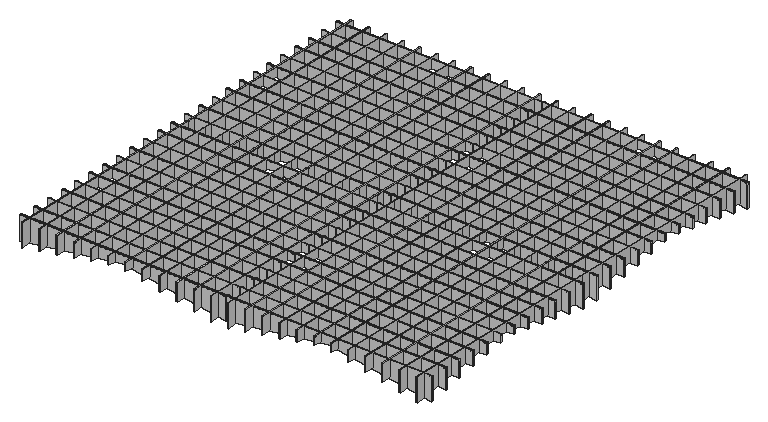
Revit family "CLD-WFL-003_RFA", category Modelos genéricos, Revit 2022 (continued)
Forms (in)
  Extrusion 223, solid
    sketch origin (76.14567, 216, 0) x (0, -1, 0) y (0, 0, 1)
      loop
        line (108, 11.82144) -> (0, 11.82144) -> (0, 4.62144) -> (54, 3.02144) -> (108, 4.62144) -> (108, 11.82144)
    from -0.11811 to 0
  Extrusion 224, solid
    sketch origin (76.61811, 216, 0) x (0, -1, 0) y (0, 0, 1)
      loop
        line (108, 11.82144) -> (0, 11.82144) -> (0, 4.62144) -> (54, 3.02144) -> (108, 4.62144) -> (108, 11.82144)
    from -0.11811 to 0.35433
  Extrusion 225, solid
    sketch origin (76.73622, 216, 0) x (0, -1, 0) y (0, 0, 1)
      loop
        line (108, 11.82144) -> (0, 11.82144) -> (0, 4.62144) -> (54, 3.02144) -> (108, 4.62144) -> (108, 11.82144)
    from -0.11811 to 0
  Extrusion 226, solid
    sketch origin (85.14567, 216, 0) x (0, -1, 0) y (0, 0, 1)
      loop
        line (108, 11.82144) -> (0, 11.82144) -> (0, 3.02144) -> (54, 4.62144) -> (108, 3.02144) -> (108, 11.82144)
    from -0.11811 to 0
  Extrusion 227, solid
    sketch origin (85.61811, 216, 0) x (0, -1, 0) y (0, 0, 1)
      loop
        line (108, 11.82144) -> (0, 11.82144) -> (0, 3.02144) -> (54, 4.62144) -> (108, 3.02144) -> (108, 11.82144)
    from -0.11811 to 0.35433
  Extrusion 228, solid
    sketch origin (85.73622, 216, 0) x (0, -1, 0) y (0, 0, 1)
      loop
        line (108, 11.82144) -> (0, 11.82144) -> (0, 3.02144) -> (54, 4.62144) -> (108, 3.02144) -> (108, 11.82144)
    from -0.11811 to 0
  Extrusion 229, solid
    sketch origin (94.14567, 216, 0) x (0, -1, 0) y (0, 0, 1)
      loop
        line (108, 11.82144) -> (0, 11.82144) -> (0, 1.42144) -> (54, 6.22144) -> (108, 1.42144) -> (108, 11.82144)
    from -0.11811 to 0
  Extrusion 230, solid
    sketch origin (94.61811, 216, 0) x (0, -1, 0) y (0, 0, 1)
      loop
        line (108, 11.82144) -> (0, 11.82144) -> (0, 1.42144) -> (54, 6.22144) -> (108, 1.42144) -> (108, 11.82144)
    from -0.11811 to 0.35433
  Extrusion 231, solid
    sketch origin (94.73622, 216, 0) x (0, -1, 0) y (0, 0, 1)
      loop
        line (108, 11.82144) -> (0, 11.82144) -> (0, 1.42144) -> (54, 6.22144) -> (108, 1.42144) -> (108, 11.82144)
    from -0.11811 to 0
  Extrusion 232, solid
    sketch origin (103.14567, 216, 0) x (0, -1, 0) y (0, 0, 1)
      loop
        line (108, 11.82144) -> (0, 11.82144) -> (0, -0.17856) -> (54, 7.82144) -> (108, -0.17856) -> (108, 11.82144)
    from -0.11811 to 0
  Extrusion 233, solid
    sketch origin (103.61811, 216, 0) x (0, -1, 0) y (0, 0, 1)
      loop
        line (108, 11.82144) -> (0, 11.82144) -> (0, -0.17856) -> (54, 7.82144) -> (108, -0.17856) -> (108, 11.82144)
    from -0.11811 to 0.35433
  Extrusion 234, solid
    sketch origin (103.73622, 216, 0) x (0, -1, 0) y (0, 0, 1)
      loop
        line (108, 11.82144) -> (0, 11.82144) -> (0, -0.17856) -> (54, 7.82144) -> (108, -0.17856) -> (108, 11.82144)
    from -0.11811 to 0
  Extrusion 235, solid
    sketch origin (108, 211.85433, 0) x (-1, 0, 0) y (0, 0, 1)
      loop
        line (108, 11.82144) -> (0, 11.82144) -> (0, -0.17856) -> (54, 7.82144) -> (108, -0.17856) -> (108, 11.82144)
    from -0.11811 to 0
  Extrusion 236, solid
    sketch origin (108, 211.38189, 0) x (-1, 0, 0) y (0, 0, 1)
      loop
        line (108, 11.82144) -> (0, 11.82144) -> (0, -0.17856) -> (54, 7.82144) -> (108, -0.17856) -> (108, 11.82144)
    from -0.11811 to 0.35433
  Extrusion 237, solid
    sketch origin (108, 211.26378, 0) x (-1, 0, 0) y (0, 0, 1)
      loop
        line (108, 11.82144) -> (0, 11.82144) -> (0, -0.17856) -> (54, 7.82144) -> (108, -0.17856) -> (108, 11.82144)
    from -0.11811 to 0
  Extrusion 238, solid
    sketch origin (108, 202.85433, 0) x (-1, 0, 0) y (0, 0, 1)
      loop
        line (108, 11.82144) -> (0, 11.82144) -> (0, 1.42144) -> (54, 6.22144) -> (108, 1.42144) -> (108, 11.82144)
    from -0.11811 to 0
  Extrusion 239, solid
    sketch origin (108, 202.38189, 0) x (-1, 0, 0) y (0, 0, 1)
      loop
        line (108, 11.82144) -> (0, 11.82144) -> (0, 1.42144) -> (54, 6.22144) -> (108, 1.42144) -> (108, 11.82144)
    from -0.11811 to 0.35433
  Extrusion 240, solid
    sketch origin (108, 202.26378, 0) x (-1, 0, 0) y (0, 0, 1)
      loop
        line (108, 11.82144) -> (0, 11.82144) -> (0, 1.42144) -> (54, 6.22144) -> (108, 1.42144) -> (108, 11.82144)
    from -0.11811 to 0
  Extrusion 241, solid
    sketch origin (108, 193.85433, 0) x (-1, 0, 0) y (0, 0, 1)
      loop
        line (108, 11.82144) -> (0, 11.82144) -> (0, 3.02144) -> (54, 4.62144) -> (108, 3.02144) -> (108, 11.82144)
    from -0.11811 to 0
  Extrusion 242, solid
    sketch origin (108, 193.38189, 0) x (-1, 0, 0) y (0, 0, 1)
      loop
        line (108, 11.82144) -> (0, 11.82144) -> (0, 3.02144) -> (54, 4.62144) -> (108, 3.02144) -> (108, 11.82144)
    from -0.11811 to 0.35433
  Extrusion 243, solid
    sketch origin (108, 193.26378, 0) x (-1, 0, 0) y (0, 0, 1)
      loop
        line (108, 11.82144) -> (0, 11.82144) -> (0, 3.02144) -> (54, 4.62144) -> (108, 3.02144) -> (108, 11.82144)
    from -0.11811 to 0
  Extrusion 244, solid
    sketch origin (108, 184.85433, 0) x (-1, 0, 0) y (0, 0, 1)
      loop
        line (108, 11.82144) -> (0, 11.82144) -> (0, 4.62144) -> (54, 3.02144) -> (108, 4.62144) -> (108, 11.82144)
    from -0.11811 to 0
  Extrusion 245, solid
    sketch origin (108, 184.38189, 0) x (-1, 0, 0) y (0, 0, 1)
      loop
        line (108, 11.82144) -> (0, 11.82144) -> (0, 4.62144) -> (54, 3.02144) -> (108, 4.62144) -> (108, 11.82144)
    from -0.11811 to 0.35433
  Extrusion 246, solid
    sketch origin (108, 184.26378, 0) x (-1, 0, 0) y (0, 0, 1)
      loop
        line (108, 11.82144) -> (0, 11.82144) -> (0, 4.62144) -> (54, 3.02144) -> (108, 4.62144) -> (108, 11.82144)
    from -0.11811 to 0
  Extrusion 247, solid
    sketch origin (108, 175.85433, 0) x (-1, 0, 0) y (0, 0, 1)
      loop
        line (108, 11.82144) -> (0, 11.82144) -> (0, 6.22144) -> (54, 1.42144) -> (108, 6.22144) -> (108, 11.82144)
    from -0.11811 to 0
  Extrusion 248, solid
    sketch origin (108, 175.38189, 0) x (-1, 0, 0) y (0, 0, 1)
      loop
        line (108, 11.82144) -> (0, 11.82144) -> (0, 6.22144) -> (54, 1.42144) -> (108, 6.22144) -> (108, 11.82144)
    from -0.11811 to 0.35433
  Extrusion 249, solid
    sketch origin (108, 175.26378, 0) x (-1, 0, 0) y (0, 0, 1)
      loop
        line (108, 11.82144) -> (0, 11.82144) -> (0, 6.22144) -> (54, 1.42144) -> (108, 6.22144) -> (108, 11.82144)
    from -0.11811 to 0
  Extrusion 250, solid
    sketch origin (108, 166.85433, 0) x (-1, 0, 0) y (0, 0, 1)
      loop
        line (108, 11.82144) -> (0, 11.82144) -> (0, 7.82144) -> (54, -0.17856) -> (108, 7.82144) -> (108, 11.82144)
    from -0.11811 to 0
  Extrusion 251, solid
    sketch origin (108, 166.38189, 0) x (-1, 0, 0) y (0, 0, 1)
      loop
        line (108, 11.82144) -> (0, 11.82144) -> (0, 7.82144) -> (54, -0.17856) -> (108, 7.82144) -> (108, 11.82144)
    from -0.11811 to 0.35433
  Extrusion 252, solid
    sketch origin (108, 166.26378, 0) x (-1, 0, 0) y (0, 0, 1)
      loop
        line (108, 11.82144) -> (0, 11.82144) -> (0, 7.82144) -> (54, -0.17856) -> (108, 7.82144) -> (108, 11.82144)
    from -0.11811 to 0
  Extrusion 253, solid
    sketch origin (108, 157.85433, 0) x (-1, 0, 0) y (0, 0, 1)
      loop
        line (108, 11.82144) -> (0, 11.82144) -> (0, 7.82144) -> (54, -0.17856) -> (108, 7.82144) -> (108, 11.82144)
    from -0.11811 to 0
  Extrusion 254, solid
    sketch origin (108, 157.38189, 0) x (-1, 0, 0) y (0, 0, 1)
      loop
        line (108, 11.82144) -> (0, 11.82144) -> (0, 7.82144) -> (54, -0.17856) -> (108, 7.82144) -> (108, 11.82144)
    from -0.11811 to 0.35433
  Extrusion 255, solid
    sketch origin (108, 157.26378, 0) x (-1, 0, 0) y (0, 0, 1)
      loop
        line (108, 11.82144) -> (0, 11.82144) -> (0, 7.82144) -> (54, -0.17856) -> (108, 7.82144) -> (108, 11.82144)
    from -0.11811 to 0
  Extrusion 256, solid
    sketch origin (108, 148.85433, 0) x (-1, 0, 0) y (0, 0, 1)
      loop
        line (108, 11.82144) -> (0, 11.82144) -> (0, 6.22144) -> (54, 1.42144) -> (108, 6.22144) -> (108, 11.82144)
    from -0.11811 to 0
  Extrusion 257, solid
    sketch origin (108, 148.38189, 0) x (-1, 0, 0) y (0, 0, 1)
      loop
        line (108, 11.82144) -> (0, 11.82144) -> (0, 6.22144) -> (54, 1.42144) -> (108, 6.22144) -> (108, 11.82144)
    from -0.11811 to 0.35433
  Extrusion 258, solid
    sketch origin (108, 148.26378, 0) x (-1, 0, 0) y (0, 0, 1)
      loop
        line (108, 11.82144) -> (0, 11.82144) -> (0, 6.22144) -> (54, 1.42144) -> (108, 6.22144) -> (108, 11.82144)
    from -0.11811 to 0
  Extrusion 259, solid
    sketch origin (108, 139.85433, 0) x (-1, 0, 0) y (0, 0, 1)
      loop
        line (108, 11.82144) -> (0, 11.82144) -> (0, 4.62144) -> (54, 3.02144) -> (108, 4.62144) -> (108, 11.82144)
    from -0.11811 to 0
  Extrusion 260, solid
    sketch origin (108, 139.38189, 0) x (-1, 0, 0) y (0, 0, 1)
      loop
        line (108, 11.82144) -> (0, 11.82144) -> (0, 4.62144) -> (54, 3.02144) -> (108, 4.62144) -> (108, 11.82144)
    from -0.11811 to 0.35433
  Extrusion 261, solid
    sketch origin (108, 139.26378, 0) x (-1, 0, 0) y (0, 0, 1)
      loop
        line (108, 11.82144) -> (0, 11.82144) -> (0, 4.62144) -> (54, 3.02144) -> (108, 4.62144) -> (108, 11.82144)
    from -0.11811 to 0
  Extrusion 262, solid
    sketch origin (108, 130.85433, 0) x (-1, 0, 0) y (0, 0, 1)
      loop
        line (108, 11.82144) -> (0, 11.82144) -> (0, 3.02144) -> (54, 4.62144) -> (108, 3.02144) -> (108, 11.82144)
    from -0.11811 to 0
  Extrusion 263, solid
    sketch origin (108, 130.38189, 0) x (-1, 0, 0) y (0, 0, 1)
      loop
        line (108, 11.82144) -> (0, 11.82144) -> (0, 3.02144) -> (54, 4.62144) -> (108, 3.02144) -> (108, 11.82144)
    from -0.11811 to 0.35433
  Extrusion 264, solid
    sketch origin (108, 130.26378, 0) x (-1, 0, 0) y (0, 0, 1)
      loop
        line (108, 11.82144) -> (0, 11.82144) -> (0, 3.02144) -> (54, 4.62144) -> (108, 3.02144) -> (108, 11.82144)
    from -0.11811 to 0
  Extrusion 265, solid
    sketch origin (108, 121.85433, 0) x (-1, 0, 0) y (0, 0, 1)
      loop
        line (108, 11.82144) -> (0, 11.82144) -> (0, 1.42144) -> (54, 6.22144) -> (108, 1.42144) -> (108, 11.82144)
    from -0.11811 to 0
  Extrusion 266, solid
    sketch origin (108, 121.38189, 0) x (-1, 0, 0) y (0, 0, 1)
      loop
        line (108, 11.82144) -> (0, 11.82144) -> (0, 1.42144) -> (54, 6.22144) -> (108, 1.42144) -> (108, 11.82144)
    from -0.11811 to 0.35433
  Extrusion 267, solid
    sketch origin (108, 121.26378, 0) x (-1, 0, 0) y (0, 0, 1)
      loop
        line (108, 11.82144) -> (0, 11.82144) -> (0, 1.42144) -> (54, 6.22144) -> (108, 1.42144) -> (108, 11.82144)
    from -0.11811 to 0
  Extrusion 268, solid
    sketch origin (108, 112.85433, 0) x (-1, 0, 0) y (0, 0, 1)
      loop
        line (108, 11.82144) -> (0, 11.82144) -> (0, -0.17856) -> (54, 7.82144) -> (108, -0.17856) -> (108, 11.82144)
    from -0.11811 to 0
  Extrusion 269, solid
    sketch origin (108, 112.38189, 0) x (-1, 0, 0) y (0, 0, 1)
      loop
        line (108, 11.82144) -> (0, 11.82144) -> (0, -0.17856) -> (54, 7.82144) -> (108, -0.17856) -> (108, 11.82144)
    from -0.11811 to 0.35433
  Extrusion 270, solid
    sketch origin (108, 112.26378, 0) x (-1, 0, 0) y (0, 0, 1)
      loop
        line (108, 11.82144) -> (0, 11.82144) -> (0, -0.17856) -> (54, 7.82144) -> (108, -0.17856) -> (108, 11.82144)
    from -0.11811 to 0
  Extrusion 271, solid
    sketch origin (112.14567, 108, 0) x (0, -1, 0) y (0, 0, 1)
      loop
        line (108, 11.82144) -> (0, 11.82144) -> (0, -0.17856) -> (54, 7.82144) -> (108, -0.17856) -> (108, 11.82144)
    from -0.11811 to 0
  Extrusion 272, solid
    sketch origin (112.61811, 108, 0) x (0, -1, 0) y (0, 0, 1)
      loop
        line (108, 11.82144) -> (0, 11.82144) -> (0, -0.17856) -> (54, 7.82144) -> (108, -0.17856) -> (108, 11.82144)
    from -0.11811 to 0.35433
  Extrusion 273, solid
    sketch origin (112.73622, 108, 0) x (0, -1, 0) y (0, 0, 1)
      loop
        line (108, 11.82144) -> (0, 11.82144) -> (0, -0.17856) -> (54, 7.82144) -> (108, -0.17856) -> (108, 11.82144)
    from -0.11811 to 0
  Extrusion 274, solid
    sketch origin (121.14567, 108, 0) x (0, -1, 0) y (0, 0, 1)
      loop
        line (108, 11.82144) -> (0, 11.82144) -> (0, 1.42144) -> (54, 6.22144) -> (108, 1.42144) -> (108, 11.82144)
    from -0.11811 to 0
  Extrusion 275, solid
    sketch origin (121.61811, 108, 0) x (0, -1, 0) y (0, 0, 1)
      loop
        line (108, 11.82144) -> (0, 11.82144) -> (0, 1.42144) -> (54, 6.22144) -> (108, 1.42144) -> (108, 11.82144)
    from -0.11811 to 0.35433
  Extrusion 276, solid
    sketch origin (121.73622, 108, 0) x (0, -1, 0) y (0, 0, 1)
      loop
        line (108, 11.82144) -> (0, 11.82144) -> (0, 1.42144) -> (54, 6.22144) -> (108, 1.42144) -> (108, 11.82144)
    from -0.11811 to 0
  Extrusion 277, solid
    sketch origin (130.14567, 108, 0) x (0, -1, 0) y (0, 0, 1)
      loop
        line (108, 11.82144) -> (0, 11.82144) -> (0, 3.02144) -> (54, 4.62144) -> (108, 3.02144) -> (108, 11.82144)
    from -0.11811 to 0
  Extrusion 278, solid
    sketch origin (130.61811, 108, 0) x (0, -1, 0) y (0, 0, 1)
      loop
        line (108, 11.82144) -> (0, 11.82144) -> (0, 3.02144) -> (54, 4.62144) -> (108, 3.02144) -> (108, 11.82144)
    from -0.11811 to 0.35433
  Extrusion 279, solid
    sketch origin (130.73622, 108, 0) x (0, -1, 0) y (0, 0, 1)
      loop
        line (108, 11.82144) -> (0, 11.82144) -> (0, 3.02144) -> (54, 4.62144) -> (108, 3.02144) -> (108, 11.82144)
    from -0.11811 to 0
  Extrusion 280, solid
    sketch origin (139.14567, 108, 0) x (0, -1, 0) y (0, 0, 1)
      loop
        line (108, 11.82144) -> (0, 11.82144) -> (0, 4.62144) -> (54, 3.02144) -> (108, 4.62144) -> (108, 11.82144)
    from -0.11811 to 0
  Extrusion 281, solid
    sketch origin (139.61811, 108, 0) x (0, -1, 0) y (0, 0, 1)
      loop
        line (108, 11.82144) -> (0, 11.82144) -> (0, 4.62144) -> (54, 3.02144) -> (108, 4.62144) -> (108, 11.82144)
    from -0.11811 to 0.35433
  Extrusion 282, solid
    sketch origin (139.73622, 108, 0) x (0, -1, 0) y (0, 0, 1)
      loop
        line (108, 11.82144) -> (0, 11.82144) -> (0, 4.62144) -> (54, 3.02144) -> (108, 4.62144) -> (108, 11.82144)
    from -0.11811 to 0
  Extrusion 283, solid
    sketch origin (148.14567, 108, 0) x (0, -1, 0) y (0, 0, 1)
      loop
        line (108, 11.82144) -> (0, 11.82144) -> (0, 6.22144) -> (54, 1.42144) -> (108, 6.22144) -> (108, 11.82144)
    from -0.11811 to 0
  Extrusion 284, solid
    sketch origin (148.61811, 108, 0) x (0, -1, 0) y (0, 0, 1)
      loop
        line (108, 11.82144) -> (0, 11.82144) -> (0, 6.22144) -> (54, 1.42144) -> (108, 6.22144) -> (108, 11.82144)
    from -0.11811 to 0.35433
  Extrusion 285, solid
    sketch origin (148.73622, 108, 0) x (0, -1, 0) y (0, 0, 1)
      loop
        line (108, 11.82144) -> (0, 11.82144) -> (0, 6.22144) -> (54, 1.42144) -> (108, 6.22144) -> (108, 11.82144)
    from -0.11811 to 0
  Extrusion 286, solid
    sketch origin (157.14567, 108, 0) x (0, -1, 0) y (0, 0, 1)
      loop
        line (108, 11.82144) -> (0, 11.82144) -> (0, 7.82144) -> (54, -0.17856) -> (108, 7.82144) -> (108, 11.82144)
    from -0.11811 to 0
  Extrusion 287, solid
    sketch origin (157.61811, 108, 0) x (0, -1, 0) y (0, 0, 1)
      loop
        line (108, 11.82144) -> (0, 11.82144) -> (0, 7.82144) -> (54, -0.17856) -> (108, 7.82144) -> (108, 11.82144)
    from -0.11811 to 0.35433
  Extrusion 288, solid
    sketch origin (157.73622, 108, 0) x (0, -1, 0) y (0, 0, 1)
      loop
        line (108, 11.82144) -> (0, 11.82144) -> (0, 7.82144) -> (54, -0.17856) -> (108, 7.82144) -> (108, 11.82144)
    from -0.11811 to 0
  Extrusion 289, solid
    sketch origin (166.14567, 108, 0) x (0, -1, 0) y (0, 0, 1)
      loop
        line (108, 11.82144) -> (0, 11.82144) -> (0, 7.82144) -> (54, -0.17856) -> (108, 7.82144) -> (108, 11.82144)
    from -0.11811 to 0
  Extrusion 290, solid
    sketch origin (166.61811, 108, 0) x (0, -1, 0) y (0, 0, 1)
      loop
        line (108, 11.82144) -> (0, 11.82144) -> (0, 7.82144) -> (54, -0.17856) -> (108, 7.82144) -> (108, 11.82144)
    from -0.11811 to 0.35433
  Extrusion 291, solid
    sketch origin (166.73622, 108, 0) x (0, -1, 0) y (0, 0, 1)
      loop
        line (108, 11.82144) -> (0, 11.82144) -> (0, 7.82144) -> (54, -0.17856) -> (108, 7.82144) -> (108, 11.82144)
    from -0.11811 to 0
  Extrusion 292, solid
    sketch origin (175.14567, 108, 0) x (0, -1, 0) y (0, 0, 1)
      loop
        line (108, 11.82144) -> (0, 11.82144) -> (0, 6.22144) -> (54, 1.42144) -> (108, 6.22144) -> (108, 11.82144)
    from -0.11811 to 0
  Extrusion 293, solid
    sketch origin (175.61811, 108, 0) x (0, -1, 0) y (0, 0, 1)
      loop
        line (108, 11.82144) -> (0, 11.82144) -> (0, 6.22144) -> (54, 1.42144) -> (108, 6.22144) -> (108, 11.82144)
    from -0.11811 to 0.35433
  Extrusion 294, solid
    sketch origin (175.73622, 108, 0) x (0, -1, 0) y (0, 0, 1)
      loop
        line (108, 11.82144) -> (0, 11.82144) -> (0, 6.22144) -> (54, 1.42144) -> (108, 6.22144) -> (108, 11.82144)
    from -0.11811 to 0
  Extrusion 295, solid
    sketch origin (184.14567, 108, 0) x (0, -1, 0) y (0, 0, 1)
      loop
        line (108, 11.82144) -> (0, 11.82144) -> (0, 4.62144) -> (54, 3.02144) -> (108, 4.62144) -> (108, 11.82144)
    from -0.11811 to 0
  Extrusion 296, solid
    sketch origin (184.61811, 108, 0) x (0, -1, 0) y (0, 0, 1)
      loop
        line (108, 11.82144) -> (0, 11.82144) -> (0, 4.62144) -> (54, 3.02144) -> (108, 4.62144) -> (108, 11.82144)
    from -0.11811 to 0.35433
  Extrusion 297, solid
    sketch origin (184.73622, 108, 0) x (0, -1, 0) y (0, 0, 1)
      loop
        line (108, 11.82144) -> (0, 11.82144) -> (0, 4.62144) -> (54, 3.02144) -> (108, 4.62144) -> (108, 11.82144)
    from -0.11811 to 0
  Extrusion 298, solid
    sketch origin (193.14567, 108, 0) x (0, -1, 0) y (0, 0, 1)
      loop
        line (108, 11.82144) -> (0, 11.82144) -> (0, 3.02144) -> (54, 4.62144) -> (108, 3.02144) -> (108, 11.82144)
    from -0.11811 to 0
  Extrusion 299, solid
    sketch origin (193.61811, 108, 0) x (0, -1, 0) y (0, 0, 1)
      loop
        line (108, 11.82144) -> (0, 11.82144) -> (0, 3.02144) -> (54, 4.62144) -> (108, 3.02144) -> (108, 11.82144)
    from -0.11811 to 0.35433
  Extrusion 300, solid
    sketch origin (193.73622, 108, 0) x (0, -1, 0) y (0, 0, 1)
      loop
        line (108, 11.82144) -> (0, 11.82144) -> (0, 3.02144) -> (54, 4.62144) -> (108, 3.02144) -> (108, 11.82144)
    from -0.11811 to 0
  Extrusion 301, solid
    sketch origin (202.14567, 108, 0) x (0, -1, 0) y (0, 0, 1)
      loop
        line (108, 11.82144) -> (0, 11.82144) -> (0, 1.42144) -> (54, 6.22144) -> (108, 1.42144) -> (108, 11.82144)
    from -0.11811 to 0
  Extrusion 302, solid
    sketch origin (202.61811, 108, 0) x (0, -1, 0) y (0, 0, 1)
      loop
        line (108, 11.82144) -> (0, 11.82144) -> (0, 1.42144) -> (54, 6.22144) -> (108, 1.42144) -> (108, 11.82144)
    from -0.11811 to 0.35433
  Extrusion 303, solid
    sketch origin (202.73622, 108, 0) x (0, -1, 0) y (0, 0, 1)
      loop
        line (108, 11.82144) -> (0, 11.82144) -> (0, 1.42144) -> (54, 6.22144) -> (108, 1.42144) -> (108, 11.82144)
    from -0.11811 to 0
  Extrusion 304, solid
    sketch origin (211.14567, 108, 0) x (0, -1, 0) y (0, 0, 1)
      loop
        line (108, 11.82144) -> (0, 11.82144) -> (0, -0.17856) -> (54, 7.82144) -> (108, -0.17856) -> (108, 11.82144)
    from -0.11811 to 0
  Extrusion 305, solid
    sketch origin (211.61811, 108, 0) x (0, -1, 0) y (0, 0, 1)
      loop
        line (108, 11.82144) -> (0, 11.82144) -> (0, -0.17856) -> (54, 7.82144) -> (108, -0.17856) -> (108, 11.82144)
    from -0.11811 to 0.35433
  Extrusion 306, solid
    sketch origin (211.73622, 108, 0) x (0, -1, 0) y (0, 0, 1)
      loop
        line (108, 11.82144) -> (0, 11.82144) -> (0, -0.17856) -> (54, 7.82144) -> (108, -0.17856) -> (108, 11.82144)
    from -0.11811 to 0
  Extrusion 307, solid
    sketch origin (216, 103.85433, 0) x (-1, 0, 0) y (0, 0, 1)
      loop
        line (108, 11.82144) -> (0, 11.82144) -> (0, -0.17856) -> (54, 7.82144) -> (108, -0.17856) -> (108, 11.82144)
    from -0.11811 to 0
  Extrusion 308, solid
    sketch origin (216, 103.38189, 0) x (-1, 0, 0) y (0, 0, 1)
      loop
        line (108, 11.82144) -> (0, 11.82144) -> (0, -0.17856) -> (54, 7.82144) -> (108, -0.17856) -> (108, 11.82144)
    from -0.11811 to 0.35433
  Extrusion 309, solid
    sketch origin (216, 103.26378, 0) x (-1, 0, 0) y (0, 0, 1)
      loop
        line (108, 11.82144) -> (0, 11.82144) -> (0, -0.17856) -> (54, 7.82144) -> (108, -0.17856) -> (108, 11.82144)
    from -0.11811 to 0
  Extrusion 310, solid
    sketch origin (216, 94.85433, 0) x (-1, 0, 0) y (0, 0, 1)
      loop
        line (108, 11.82144) -> (0, 11.82144) -> (0, 1.42144) -> (54, 6.22144) -> (108, 1.42144) -> (108, 11.82144)
    from -0.11811 to 0
  Extrusion 311, solid
    sketch origin (216, 94.38189, 0) x (-1, 0, 0) y (0, 0, 1)
      loop
        line (108, 11.82144) -> (0, 11.82144) -> (0, 1.42144) -> (54, 6.22144) -> (108, 1.42144) -> (108, 11.82144)
    from -0.11811 to 0.35433
  Extrusion 312, solid
    sketch origin (216, 94.26378, 0) x (-1, 0, 0) y (0, 0, 1)
      loop
        line (108, 11.82144) -> (0, 11.82144) -> (0, 1.42144) -> (54, 6.22144) -> (108, 1.42144) -> (108, 11.82144)
    from -0.11811 to 0
  Extrusion 313, solid
    sketch origin (216, 85.85433, 0) x (-1, 0, 0) y (0, 0, 1)
      loop
        line (108, 11.82144) -> (0, 11.82144) -> (0, 3.02144) -> (54, 4.62144) -> (108, 3.02144) -> (108, 11.82144)
    from -0.11811 to 0
  Extrusion 314, solid
    sketch origin (216, 85.38189, 0) x (-1, 0, 0) y (0, 0, 1)
      loop
        line (108, 11.82144) -> (0, 11.82144) -> (0, 3.02144) -> (54, 4.62144) -> (108, 3.02144) -> (108, 11.82144)
    from -0.11811 to 0.35433
  Extrusion 315, solid
    sketch origin (216, 85.26378, 0) x (-1, 0, 0) y (0, 0, 1)
      loop
        line (108, 11.82144) -> (0, 11.82144) -> (0, 3.02144) -> (54, 4.62144) -> (108, 3.02144) -> (108, 11.82144)
    from -0.11811 to 0
  Extrusion 316, solid
    sketch origin (216, 76.85433, 0) x (-1, 0, 0) y (0, 0, 1)
      loop
        line (108, 11.82144) -> (0, 11.82144) -> (0, 4.62144) -> (54, 3.02144) -> (108, 4.62144) -> (108, 11.82144)
    from -0.11811 to 0
  Extrusion 317, solid
    sketch origin (216, 76.38189, 0) x (-1, 0, 0) y (0, 0, 1)
      loop
        line (108, 11.82144) -> (0, 11.82144) -> (0, 4.62144) -> (54, 3.02144) -> (108, 4.62144) -> (108, 11.82144)
    from -0.11811 to 0.35433
  Extrusion 318, solid
    sketch origin (216, 76.26378, 0) x (-1, 0, 0) y (0, 0, 1)
      loop
        line (108, 11.82144) -> (0, 11.82144) -> (0, 4.62144) -> (54, 3.02144) -> (108, 4.62144) -> (108, 11.82144)
    from -0.11811 to 0
  Extrusion 319, solid
    sketch origin (216, 67.85433, 0) x (-1, 0, 0) y (0, 0, 1)
      loop
        line (108, 11.82144) -> (0, 11.82144) -> (0, 6.22144) -> (54, 1.42144) -> (108, 6.22144) -> (108, 11.82144)
    from -0.11811 to 0
  Extrusion 320, solid
    sketch origin (216, 67.38189, 0) x (-1, 0, 0) y (0, 0, 1)
      loop
        line (108, 11.82144) -> (0, 11.82144) -> (0, 6.22144) -> (54, 1.42144) -> (108, 6.22144) -> (108, 11.82144)
    from -0.11811 to 0.35433
  Extrusion 321, solid
    sketch origin (216, 67.26378, 0) x (-1, 0, 0) y (0, 0, 1)
      loop
        line (108, 11.82144) -> (0, 11.82144) -> (0, 6.22144) -> (54, 1.42144) -> (108, 6.22144) -> (108, 11.82144)
    from -0.11811 to 0
  Extrusion 322, solid
    sketch origin (216, 58.85433, 0) x (-1, 0, 0) y (0, 0, 1)
      loop
        line (108, 11.82144) -> (0, 11.82144) -> (0, 7.82144) -> (54, -0.17856) -> (108, 7.82144) -> (108, 11.82144)
    from -0.11811 to 0
  Extrusion 323, solid
    sketch origin (216, 58.38189, 0) x (-1, 0, 0) y (0, 0, 1)
      loop
        line (108, 11.82144) -> (0, 11.82144) -> (0, 7.82144) -> (54, -0.17856) -> (108, 7.82144) -> (108, 11.82144)
    from -0.11811 to 0.35433
  Extrusion 324, solid
    sketch origin (216, 58.26378, 0) x (-1, 0, 0) y (0, 0, 1)
      loop
        line (108, 11.82144) -> (0, 11.82144) -> (0, 7.82144) -> (54, -0.17856) -> (108, 7.82144) -> (108, 11.82144)
    from -0.11811 to 0
  Extrusion 325, solid
    sketch origin (216, 49.85433, 0) x (-1, 0, 0) y (0, 0, 1)
      loop
        line (108, 11.82144) -> (0, 11.82144) -> (0, 7.82144) -> (54, -0.17856) -> (108, 7.82144) -> (108, 11.82144)
    from -0.11811 to 0
  Extrusion 326, solid
    sketch origin (216, 49.38189, 0) x (-1, 0, 0) y (0, 0, 1)
      loop
        line (108, 11.82144) -> (0, 11.82144) -> (0, 7.82144) -> (54, -0.17856) -> (108, 7.82144) -> (108, 11.82144)
    from -0.11811 to 0.35433
  Extrusion 327, solid
    sketch origin (216, 49.26378, 0) x (-1, 0, 0) y (0, 0, 1)
      loop
        line (108, 11.82144) -> (0, 11.82144) -> (0, 7.82144) -> (54, -0.17856) -> (108, 7.82144) -> (108, 11.82144)
    from -0.11811 to 0
  Extrusion 328, solid
    sketch origin (216, 40.85433, 0) x (-1, 0, 0) y (0, 0, 1)
      loop
        line (108, 11.82144) -> (0, 11.82144) -> (0, 6.22144) -> (54, 1.42144) -> (108, 6.22144) -> (108, 11.82144)
    from -0.11811 to 0
  Extrusion 329, solid
    sketch origin (216, 40.38189, 0) x (-1, 0, 0) y (0, 0, 1)
      loop
        line (108, 11.82144) -> (0, 11.82144) -> (0, 6.22144) -> (54, 1.42144) -> (108, 6.22144) -> (108, 11.82144)
    from -0.11811 to 0.35433
  Extrusion 330, solid
    sketch origin (216, 40.26378, 0) x (-1, 0, 0) y (0, 0, 1)
      loop
        line (108, 11.82144) -> (0, 11.82144) -> (0, 6.22144) -> (54, 1.42144) -> (108, 6.22144) -> (108, 11.82144)
    from -0.11811 to 0
  Extrusion 331, solid
    sketch origin (216, 31.85433, 0) x (-1, 0, 0) y (0, 0, 1)
      loop
        line (108, 11.82144) -> (0, 11.82144) -> (0, 4.62144) -> (54, 3.02144) -> (108, 4.62144) -> (108, 11.82144)
    from -0.11811 to 0
  Extrusion 332, solid
    sketch origin (216, 31.38189, 0) x (-1, 0, 0) y (0, 0, 1)
      loop
        line (108, 11.82144) -> (0, 11.82144) -> (0, 4.62144) -> (54, 3.02144) -> (108, 4.62144) -> (108, 11.82144)
    from -0.11811 to 0.35433
  Extrusion 333, solid
    sketch origin (216, 31.26378, 0) x (-1, 0, 0) y (0, 0, 1)
      loop
        line (108, 11.82144) -> (0, 11.82144) -> (0, 4.62144) -> (54, 3.02144) -> (108, 4.62144) -> (108, 11.82144)
    from -0.11811 to 0
  Extrusion 334, solid
    sketch origin (216, 22.85433, 0) x (-1, 0, 0) y (0, 0, 1)
      loop
        line (108, 11.82144) -> (0, 11.82144) -> (0, 3.02144) -> (54, 4.62144) -> (108, 3.02144) -> (108, 11.82144)
    from -0.11811 to 0
  Extrusion 335, solid
    sketch origin (216, 22.38189, 0) x (-1, 0, 0) y (0, 0, 1)
      loop
        line (108, 11.82144) -> (0, 11.82144) -> (0, 3.02144) -> (54, 4.62144) -> (108, 3.02144) -> (108, 11.82144)
    from -0.11811 to 0.35433
  Extrusion 336, solid
    sketch origin (216, 22.26378, 0) x (-1, 0, 0) y (0, 0, 1)
      loop
        line (108, 11.82144) -> (0, 11.82144) -> (0, 3.02144) -> (54, 4.62144) -> (108, 3.02144) -> (108, 11.82144)
    from -0.11811 to 0
  Extrusion 337, solid
    sketch origin (216, 13.85433, 0) x (-1, 0, 0) y (0, 0, 1)
      loop
        line (108, 11.82144) -> (0, 11.82144) -> (0, 1.42144) -> (54, 6.22144) -> (108, 1.42144) -> (108, 11.82144)
    from -0.11811 to 0
  Extrusion 338, solid
    sketch origin (216, 13.38189, 0) x (-1, 0, 0) y (0, 0, 1)
      loop
        line (108, 11.82144) -> (0, 11.82144) -> (0, 1.42144) -> (54, 6.22144) -> (108, 1.42144) -> (108, 11.82144)
    from -0.11811 to 0.35433
  Extrusion 339, solid
    sketch origin (216, 13.26378, 0) x (-1, 0, 0) y (0, 0, 1)
      loop
        line (108, 11.82144) -> (0, 11.82144) -> (0, 1.42144) -> (54, 6.22144) -> (108, 1.42144) -> (108, 11.82144)
    from -0.11811 to 0
  Extrusion 340, solid
    sketch origin (216, 4.85433, 0) x (-1, 0, 0) y (0, 0, 1)
      loop
        line (108, 11.82144) -> (0, 11.82144) -> (0, -0.17856) -> (54, 7.82144) -> (108, -0.17856) -> (108, 11.82144)
    from -0.11811 to 0
  Extrusion 341, solid
    sketch origin (216, 4.38189, 0) x (-1, 0, 0) y (0, 0, 1)
      loop
        line (108, 11.82144) -> (0, 11.82144) -> (0, -0.17856) -> (54, 7.82144) -> (108, -0.17856) -> (108, 11.82144)
    from -0.11811 to 0.35433
  Extrusion 342, solid
    sketch origin (216, 4.26378, 0) x (-1, 0, 0) y (0, 0, 1)
      loop
        line (108, 11.82144) -> (0, 11.82144) -> (0, -0.17856) -> (54, 7.82144) -> (108, -0.17856) -> (108, 11.82144)
    from -0.11811 to 0
  Extrusion 343, solid
    sketch origin (112.14567, 216, 0) x (0, -1, 0) y (0, 0, 1)
      loop
        line (108, 11.82144) -> (0, 11.82144) -> (0, -0.17856) -> (54, 7.82144) -> (108, -0.17856) -> (108, 11.82144)
    from -0.11811 to 0
  Extrusion 344, solid
    sketch origin (112.61811, 216, 0) x (0, -1, 0) y (0, 0, 1)
      loop
        line (108, 11.82144) -> (0, 11.82144) -> (0, -0.17856) -> (54, 7.82144) -> (108, -0.17856) -> (108, 11.82144)
    from -0.11811 to 0.35433
  Extrusion 345, solid
    sketch origin (112.73622, 216, 0) x (0, -1, 0) y (0, 0, 1)
      loop
        line (108, 11.82144) -> (0, 11.82144) -> (0, -0.17856) -> (54, 7.82144) -> (108, -0.17856) -> (108, 11.82144)
    from -0.11811 to 0
  Extrusion 346, solid
    sketch origin (121.14567, 216, 0) x (0, -1, 0) y (0, 0, 1)
      loop
        line (108, 11.82144) -> (0, 11.82144) -> (0, 1.42144) -> (54, 6.22144) -> (108, 1.42144) -> (108, 11.82144)
    from -0.11811 to 0
  Extrusion 347, solid
    sketch origin (121.61811, 216, 0) x (0, -1, 0) y (0, 0, 1)
      loop
        line (108, 11.82144) -> (0, 11.82144) -> (0, 1.42144) -> (54, 6.22144) -> (108, 1.42144) -> (108, 11.82144)
    from -0.11811 to 0.35433
  Extrusion 348, solid
    sketch origin (121.73622, 216, 0) x (0, -1, 0) y (0, 0, 1)
      loop
        line (108, 11.82144) -> (0, 11.82144) -> (0, 1.42144) -> (54, 6.22144) -> (108, 1.42144) -> (108, 11.82144)
    from -0.11811 to 0
  Extrusion 349, solid
    sketch origin (130.14567, 216, 0) x (0, -1, 0) y (0, 0, 1)
      loop
        line (108, 11.82144) -> (0, 11.82144) -> (0, 3.02144) -> (54, 4.62144) -> (108, 3.02144) -> (108, 11.82144)
    from -0.11811 to 0
  Extrusion 350, solid
    sketch origin (130.61811, 216, 0) x (0, -1, 0) y (0, 0, 1)
      loop
        line (108, 11.82144) -> (0, 11.82144) -> (0, 3.02144) -> (54, 4.62144) -> (108, 3.02144) -> (108, 11.82144)
    from -0.11811 to 0.35433
  Extrusion 351, solid
    sketch origin (130.73622, 216, 0) x (0, -1, 0) y (0, 0, 1)
      loop
        line (108, 11.82144) -> (0, 11.82144) -> (0, 3.02144) -> (54, 4.62144) -> (108, 3.02144) -> (108, 11.82144)
    from -0.11811 to 0
  Extrusion 352, solid
    sketch origin (139.14567, 216, 0) x (0, -1, 0) y (0, 0, 1)
      loop
        line (108, 11.82144) -> (0, 11.82144) -> (0, 4.62144) -> (54, 3.02144) -> (108, 4.62144) -> (108, 11.82144)
    from -0.11811 to 0
  Extrusion 353, solid
    sketch origin (139.61811, 216, 0) x (0, -1, 0) y (0, 0, 1)
      loop
        line (108, 11.82144) -> (0, 11.82144) -> (0, 4.62144) -> (54, 3.02144) -> (108, 4.62144) -> (108, 11.82144)
    from -0.11811 to 0.35433
  Extrusion 354, solid
    sketch origin (139.73622, 216, 0) x (0, -1, 0) y (0, 0, 1)
      loop
        line (108, 11.82144) -> (0, 11.82144) -> (0, 4.62144) -> (54, 3.02144) -> (108, 4.62144) -> (108, 11.82144)
    from -0.11811 to 0
  Extrusion 355, solid
    sketch origin (148.14567, 216, 0) x (0, -1, 0) y (0, 0, 1)
      loop
        line (108, 11.82144) -> (0, 11.82144) -> (0, 6.22144) -> (54, 1.42144) -> (108, 6.22144) -> (108, 11.82144)
    from -0.11811 to 0
  Extrusion 356, solid
    sketch origin (148.61811, 216, 0) x (0, -1, 0) y (0, 0, 1)
      loop
        line (108, 11.82144) -> (0, 11.82144) -> (0, 6.22144) -> (54, 1.42144) -> (108, 6.22144) -> (108, 11.82144)
    from -0.11811 to 0.35433
  Extrusion 357, solid
    sketch origin (148.73622, 216, 0) x (0, -1, 0) y (0, 0, 1)
      loop
        line (108, 11.82144) -> (0, 11.82144) -> (0, 6.22144) -> (54, 1.42144) -> (108, 6.22144) -> (108, 11.82144)
    from -0.11811 to 0
  Extrusion 358, solid
    sketch origin (157.14567, 216, 0) x (0, -1, 0) y (0, 0, 1)
      loop
        line (108, 11.82144) -> (0, 11.82144) -> (0, 7.82144) -> (54, -0.17856) -> (108, 7.82144) -> (108, 11.82144)
    from -0.11811 to 0
  Extrusion 359, solid
    sketch origin (157.61811, 216, 0) x (0, -1, 0) y (0, 0, 1)
      loop
        line (108, 11.82144) -> (0, 11.82144) -> (0, 7.82144) -> (54, -0.17856) -> (108, 7.82144) -> (108, 11.82144)
    from -0.11811 to 0.35433
  Extrusion 360, solid
    sketch origin (157.73622, 216, 0) x (0, -1, 0) y (0, 0, 1)
      loop
        line (108, 11.82144) -> (0, 11.82144) -> (0, 7.82144) -> (54, -0.17856) -> (108, 7.82144) -> (108, 11.82144)
    from -0.11811 to 0
  Extrusion 361, solid
    sketch origin (166.14567, 216, 0) x (0, -1, 0) y (0, 0, 1)
      loop
        line (108, 11.82144) -> (0, 11.82144) -> (0, 7.82144) -> (54, -0.17856) -> (108, 7.82144) -> (108, 11.82144)
    from -0.11811 to 0
  Extrusion 362, solid
    sketch origin (166.61811, 216, 0) x (0, -1, 0) y (0, 0, 1)
      loop
        line (108, 11.82144) -> (0, 11.82144) -> (0, 7.82144) -> (54, -0.17856) -> (108, 7.82144) -> (108, 11.82144)
    from -0.11811 to 0.35433
  Extrusion 363, solid
    sketch origin (166.73622, 216, 0) x (0, -1, 0) y (0, 0, 1)
      loop
        line (108, 11.82144) -> (0, 11.82144) -> (0, 7.82144) -> (54, -0.17856) -> (108, 7.82144) -> (108, 11.82144)
    from -0.11811 to 0
  Extrusion 364, solid
    sketch origin (175.14567, 216, 0) x (0, -1, 0) y (0, 0, 1)
      loop
        line (108, 11.82144) -> (0, 11.82144) -> (0, 6.22144) -> (54, 1.42144) -> (108, 6.22144) -> (108, 11.82144)
    from -0.11811 to 0
  Extrusion 365, solid
    sketch origin (175.61811, 216, 0) x (0, -1, 0) y (0, 0, 1)
      loop
        line (108, 11.82144) -> (0, 11.82144) -> (0, 6.22144) -> (54, 1.42144) -> (108, 6.22144) -> (108, 11.82144)
    from -0.11811 to 0.35433
  Extrusion 366, solid
    sketch origin (175.73622, 216, 0) x (0, -1, 0) y (0, 0, 1)
      loop
        line (108, 11.82144) -> (0, 11.82144) -> (0, 6.22144) -> (54, 1.42144) -> (108, 6.22144) -> (108, 11.82144)
    from -0.11811 to 0
  Extrusion 367, solid
    sketch origin (184.14567, 216, 0) x (0, -1, 0) y (0, 0, 1)
      loop
        line (108, 11.82144) -> (0, 11.82144) -> (0, 4.62144) -> (54, 3.02144) -> (108, 4.62144) -> (108, 11.82144)
    from -0.11811 to 0
  Extrusion 368, solid
    sketch origin (184.61811, 216, 0) x (0, -1, 0) y (0, 0, 1)
      loop
        line (108, 11.82144) -> (0, 11.82144) -> (0, 4.62144) -> (54, 3.02144) -> (108, 4.62144) -> (108, 11.82144)
    from -0.11811 to 0.35433
  Extrusion 369, solid
    sketch origin (184.73622, 216, 0) x (0, -1, 0) y (0, 0, 1)
      loop
        line (108, 11.82144) -> (0, 11.82144) -> (0, 4.62144) -> (54, 3.02144) -> (108, 4.62144) -> (108, 11.82144)
    from -0.11811 to 0
  Extrusion 370, solid
    sketch origin (193.14567, 216, 0) x (0, -1, 0) y (0, 0, 1)
      loop
        line (108, 11.82144) -> (0, 11.82144) -> (0, 3.02144) -> (54, 4.62144) -> (108, 3.02144) -> (108, 11.82144)
    from -0.11811 to 0
  Extrusion 371, solid
    sketch origin (193.61811, 216, 0) x (0, -1, 0) y (0, 0, 1)
      loop
        line (108, 11.82144) -> (0, 11.82144) -> (0, 3.02144) -> (54, 4.62144) -> (108, 3.02144) -> (108, 11.82144)
    from -0.11811 to 0.35433
  Extrusion 372, solid
    sketch origin (193.73622, 216, 0) x (0, -1, 0) y (0, 0, 1)
      loop
        line (108, 11.82144) -> (0, 11.82144) -> (0, 3.02144) -> (54, 4.62144) -> (108, 3.02144) -> (108, 11.82144)
    from -0.11811 to 0
  Extrusion 373, solid
    sketch origin (202.14567, 216, 0) x (0, -1, 0) y (0, 0, 1)
      loop
        line (108, 11.82144) -> (0, 11.82144) -> (0, 1.42144) -> (54, 6.22144) -> (108, 1.42144) -> (108, 11.82144)
    from -0.11811 to 0
  Extrusion 374, solid
    sketch origin (202.61811, 216, 0) x (0, -1, 0) y (0, 0, 1)
      loop
        line (108, 11.82144) -> (0, 11.82144) -> (0, 1.42144) -> (54, 6.22144) -> (108, 1.42144) -> (108, 11.82144)
    from -0.11811 to 0.35433
  Extrusion 375, solid
    sketch origin (202.73622, 216, 0) x (0, -1, 0) y (0, 0, 1)
      loop
        line (108, 11.82144) -> (0, 11.82144) -> (0, 1.42144) -> (54, 6.22144) -> (108, 1.42144) -> (108, 11.82144)
    from -0.11811 to 0
  Extrusion 376, solid
    sketch origin (211.14567, 216, 0) x (0, -1, 0) y (0, 0, 1)
      loop
        line (108, 11.82144) -> (0, 11.82144) -> (0, -0.17856) -> (54, 7.82144) -> (108, -0.17856) -> (108, 11.82144)
    from -0.11811 to 0
  Extrusion 377, solid
    sketch origin (211.61811, 216, 0) x (0, -1, 0) y (0, 0, 1)
      loop
        line (108, 11.82144) -> (0, 11.82144) -> (0, -0.17856) -> (54, 7.82144) -> (108, -0.17856) -> (108, 11.82144)
    from -0.11811 to 0.35433
  Extrusion 378, solid
    sketch origin (211.73622, 216, 0) x (0, -1, 0) y (0, 0, 1)
      loop
        line (108, 11.82144) -> (0, 11.82144) -> (0, -0.17856) -> (54, 7.82144) -> (108, -0.17856) -> (108, 11.82144)
    from -0.11811 to 0
  Extrusion 379, solid
    sketch origin (216, 211.85433, 0) x (-1, 0, 0) y (0, 0, 1)
      loop
        line (108, 11.82144) -> (0, 11.82144) -> (0, -0.17856) -> (54, 7.82144) -> (108, -0.17856) -> (108, 11.82144)
    from -0.11811 to 0
  Extrusion 380, solid
    sketch origin (216, 211.38189, 0) x (-1, 0, 0) y (0, 0, 1)
      loop
        line (108, 11.82144) -> (0, 11.82144) -> (0, -0.17856) -> (54, 7.82144) -> (108, -0.17856) -> (108, 11.82144)
    from -0.11811 to 0.35433
  Extrusion 381, solid
    sketch origin (216, 211.26378, 0) x (-1, 0, 0) y (0, 0, 1)
      loop
        line (108, 11.82144) -> (0, 11.82144) -> (0, -0.17856) -> (54, 7.82144) -> (108, -0.17856) -> (108, 11.82144)
    from -0.11811 to 0
  Extrusion 382, solid
    sketch origin (216, 202.85433, 0) x (-1, 0, 0) y (0, 0, 1)
      loop
        line (108, 11.82144) -> (0, 11.82144) -> (0, 1.42144) -> (54, 6.22144) -> (108, 1.42144) -> (108, 11.82144)
    from -0.11811 to 0
  Extrusion 383, solid
    sketch origin (216, 202.38189, 0) x (-1, 0, 0) y (0, 0, 1)
      loop
        line (108, 11.82144) -> (0, 11.82144) -> (0, 1.42144) -> (54, 6.22144) -> (108, 1.42144) -> (108, 11.82144)
    from -0.11811 to 0.35433
  Extrusion 384, solid
    sketch origin (216, 202.26378, 0) x (-1, 0, 0) y (0, 0, 1)
      loop
        line (108, 11.82144) -> (0, 11.82144) -> (0, 1.42144) -> (54, 6.22144) -> (108, 1.42144) -> (108, 11.82144)
    from -0.11811 to 0
  Extrusion 385, solid
    sketch origin (216, 193.85433, 0) x (-1, 0, 0) y (0, 0, 1)
      loop
        line (108, 11.82144) -> (0, 11.82144) -> (0, 3.02144) -> (54, 4.62144) -> (108, 3.02144) -> (108, 11.82144)
    from -0.11811 to 0
  Extrusion 386, solid
    sketch origin (216, 193.38189, 0) x (-1, 0, 0) y (0, 0, 1)
      loop
        line (108, 11.82144) -> (0, 11.82144) -> (0, 3.02144) -> (54, 4.62144) -> (108, 3.02144) -> (108, 11.82144)
    from -0.11811 to 0.35433
  Extrusion 387, solid
    sketch origin (216, 193.26378, 0) x (-1, 0, 0) y (0, 0, 1)
      loop
        line (108, 11.82144) -> (0, 11.82144) -> (0, 3.02144) -> (54, 4.62144) -> (108, 3.02144) -> (108, 11.82144)
    from -0.11811 to 0
  Extrusion 388, solid
    sketch origin (216, 184.85433, 0) x (-1, 0, 0) y (0, 0, 1)
      loop
        line (108, 11.82144) -> (0, 11.82144) -> (0, 4.62144) -> (54, 3.02144) -> (108, 4.62144) -> (108, 11.82144)
    from -0.11811 to 0
  Extrusion 389, solid
    sketch origin (216, 184.38189, 0) x (-1, 0, 0) y (0, 0, 1)
      loop
        line (108, 11.82144) -> (0, 11.82144) -> (0, 4.62144) -> (54, 3.02144) -> (108, 4.62144) -> (108, 11.82144)
    from -0.11811 to 0.35433
  Extrusion 390, solid
    sketch origin (216, 184.26378, 0) x (-1, 0, 0) y (0, 0, 1)
      loop
        line (108, 11.82144) -> (0, 11.82144) -> (0, 4.62144) -> (54, 3.02144) -> (108, 4.62144) -> (108, 11.82144)
    from -0.11811 to 0
  Extrusion 391, solid
    sketch origin (216, 175.85433, 0) x (-1, 0, 0) y (0, 0, 1)
      loop
        line (108, 11.82144) -> (0, 11.82144) -> (0, 6.22144) -> (54, 1.42144) -> (108, 6.22144) -> (108, 11.82144)
    from -0.11811 to 0
  Extrusion 392, solid
    sketch origin (216, 175.38189, 0) x (-1, 0, 0) y (0, 0, 1)
      loop
        line (108, 11.82144) -> (0, 11.82144) -> (0, 6.22144) -> (54, 1.42144) -> (108, 6.22144) -> (108, 11.82144)
    from -0.11811 to 0.35433
  Extrusion 393, solid
    sketch origin (216, 175.26378, 0) x (-1, 0, 0) y (0, 0, 1)
      loop
        line (108, 11.82144) -> (0, 11.82144) -> (0, 6.22144) -> (54, 1.42144) -> (108, 6.22144) -> (108, 11.82144)
    from -0.11811 to 0
  Extrusion 394, solid
    sketch origin (216, 166.85433, 0) x (-1, 0, 0) y (0, 0, 1)
      loop
        line (108, 11.82144) -> (0, 11.82144) -> (0, 7.82144) -> (54, -0.17856) -> (108, 7.82144) -> (108, 11.82144)
    from -0.11811 to 0
  Extrusion 395, solid
    sketch origin (216, 166.38189, 0) x (-1, 0, 0) y (0, 0, 1)
      loop
        line (108, 11.82144) -> (0, 11.82144) -> (0, 7.82144) -> (54, -0.17856) -> (108, 7.82144) -> (108, 11.82144)
    from -0.11811 to 0.35433
  Extrusion 396, solid
    sketch origin (216, 166.26378, 0) x (-1, 0, 0) y (0, 0, 1)
      loop
        line (108, 11.82144) -> (0, 11.82144) -> (0, 7.82144) -> (54, -0.17856) -> (108, 7.82144) -> (108, 11.82144)
    from -0.11811 to 0
  Extrusion 397, solid
    sketch origin (216, 157.85433, 0) x (-1, 0, 0) y (0, 0, 1)
      loop
        line (108, 11.82144) -> (0, 11.82144) -> (0, 7.82144) -> (54, -0.17856) -> (108, 7.82144) -> (108, 11.82144)
    from -0.11811 to 0
  Extrusion 398, solid
    sketch origin (216, 157.38189, 0) x (-1, 0, 0) y (0, 0, 1)
      loop
        line (108, 11.82144) -> (0, 11.82144) -> (0, 7.82144) -> (54, -0.17856) -> (108, 7.82144) -> (108, 11.82144)
    from -0.11811 to 0.35433
  Extrusion 399, solid
    sketch origin (216, 157.26378, 0) x (-1, 0, 0) y (0, 0, 1)
      loop
        line (108, 11.82144) -> (0, 11.82144) -> (0, 7.82144) -> (54, -0.17856) -> (108, 7.82144) -> (108, 11.82144)
    from -0.11811 to 0
  Extrusion 400, solid
    sketch origin (216, 148.85433, 0) x (-1, 0, 0) y (0, 0, 1)
      loop
        line (108, 11.82144) -> (0, 11.82144) -> (0, 6.22144) -> (54, 1.42144) -> (108, 6.22144) -> (108, 11.82144)
    from -0.11811 to 0
  Extrusion 401, solid
    sketch origin (216, 148.38189, 0) x (-1, 0, 0) y (0, 0, 1)
      loop
        line (108, 11.82144) -> (0, 11.82144) -> (0, 6.22144) -> (54, 1.42144) -> (108, 6.22144) -> (108, 11.82144)
    from -0.11811 to 0.35433
  Extrusion 402, solid
    sketch origin (216, 148.26378, 0) x (-1, 0, 0) y (0, 0, 1)
      loop
        line (108, 11.82144) -> (0, 11.82144) -> (0, 6.22144) -> (54, 1.42144) -> (108, 6.22144) -> (108, 11.82144)
    from -0.11811 to 0
  Extrusion 403, solid
    sketch origin (216, 139.85433, 0) x (-1, 0, 0) y (0, 0, 1)
      loop
        line (108, 11.82144) -> (0, 11.82144) -> (0, 4.62144) -> (54, 3.02144) -> (108, 4.62144) -> (108, 11.82144)
    from -0.11811 to 0
  Extrusion 404, solid
    sketch origin (216, 139.38189, 0) x (-1, 0, 0) y (0, 0, 1)
      loop
        line (108, 11.82144) -> (0, 11.82144) -> (0, 4.62144) -> (54, 3.02144) -> (108, 4.62144) -> (108, 11.82144)
    from -0.11811 to 0.35433
  Extrusion 405, solid
    sketch origin (216, 139.26378, 0) x (-1, 0, 0) y (0, 0, 1)
      loop
        line (108, 11.82144) -> (0, 11.82144) -> (0, 4.62144) -> (54, 3.02144) -> (108, 4.62144) -> (108, 11.82144)
    from -0.11811 to 0
  Extrusion 406, solid
    sketch origin (216, 130.85433, 0) x (-1, 0, 0) y (0, 0, 1)
      loop
        line (108, 11.82144) -> (0, 11.82144) -> (0, 3.02144) -> (54, 4.62144) -> (108, 3.02144) -> (108, 11.82144)
    from -0.11811 to 0
  Extrusion 407, solid
    sketch origin (216, 130.38189, 0) x (-1, 0, 0) y (0, 0, 1)
      loop
        line (108, 11.82144) -> (0, 11.82144) -> (0, 3.02144) -> (54, 4.62144) -> (108, 3.02144) -> (108, 11.82144)
    from -0.11811 to 0.35433
  Extrusion 408, solid
    sketch origin (216, 130.26378, 0) x (-1, 0, 0) y (0, 0, 1)
      loop
        line (108, 11.82144) -> (0, 11.82144) -> (0, 3.02144) -> (54, 4.62144) -> (108, 3.02144) -> (108, 11.82144)
    from -0.11811 to 0
  Extrusion 409, solid
    sketch origin (216, 121.85433, 0) x (-1, 0, 0) y (0, 0, 1)
      loop
        line (108, 11.82144) -> (0, 11.82144) -> (0, 1.42144) -> (54, 6.22144) -> (108, 1.42144) -> (108, 11.82144)
    from -0.11811 to 0
  Extrusion 410, solid
    sketch origin (216, 121.38189, 0) x (-1, 0, 0) y (0, 0, 1)
      loop
        line (108, 11.82144) -> (0, 11.82144) -> (0, 1.42144) -> (54, 6.22144) -> (108, 1.42144) -> (108, 11.82144)
    from -0.11811 to 0.35433
  Extrusion 411, solid
    sketch origin (216, 121.26378, 0) x (-1, 0, 0) y (0, 0, 1)
      loop
        line (108, 11.82144) -> (0, 11.82144) -> (0, 1.42144) -> (54, 6.22144) -> (108, 1.42144) -> (108, 11.82144)
    from -0.11811 to 0
  Extrusion 412, solid
    sketch origin (216, 112.85433, 0) x (-1, 0, 0) y (0, 0, 1)
      loop
        line (108, 11.82144) -> (0, 11.82144) -> (0, -0.17856) -> (54, 7.82144) -> (108, -0.17856) -> (108, 11.82144)
    from -0.11811 to 0
  Extrusion 413, solid
    sketch origin (216, 112.38189, 0) x (-1, 0, 0) y (0, 0, 1)
      loop
        line (108, 11.82144) -> (0, 11.82144) -> (0, -0.17856) -> (54, 7.82144) -> (108, -0.17856) -> (108, 11.82144)
    from -0.11811 to 0.35433
  Extrusion 414, solid
    sketch origin (216, 112.26378, 0) x (-1, 0, 0) y (0, 0, 1)
      loop
        line (108, 11.82144) -> (0, 11.82144) -> (0, -0.17856) -> (54, 7.82144) -> (108, -0.17856) -> (108, 11.82144)
    from -0.11811 to 0
Dimensions and locks (in)
  aligned and locked: level to plane 2
